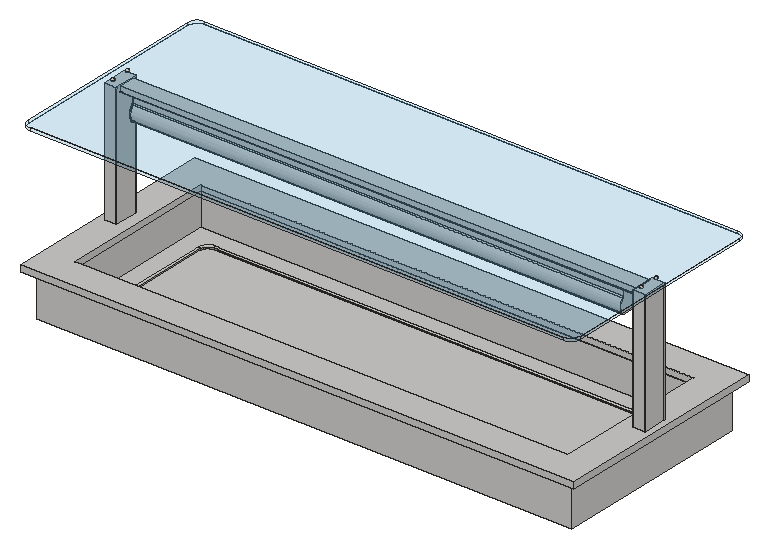
Revit family "QF_FESTIVE_SB18", category Specialty Equipment, Revit 2020
Family settings
  Round Connector Dimension = Use Diameter
  Part Type = Normal
  Work Plane-Based = No
  Always vertical = Yes
  Cut with Voids When Loaded = No
  Shared = No
  Room Calculation Point = No
Parameters (values of type "SB18")
  Weight in Pounds = 0
  Watts = if(Phase = 3, Volts * FL Amps * 1.73, Volts * FL Amps)  # 2882 W
  Volts = 220 V
  URL Cutsheet = ""
  Specification by User = ""
  Specification by Manufacturer = ""
  Serial Number = ""
  Seismic Rating = ""
  SMACNA No = ""
  Revision Code = ""
  Phase = 1
  Number of Poles = 1
  NAFEM Spec ID Number = ""
  Model = "SB18"
  Min Ckt Ampacity = 0 A
  Max Overcurrent Protection = 0 A
  Masterspec = ""
  Manufacturer = "FESTIVE"
  Length = 1805 mm
  Item Number = ""
  Installed By = ""
  Identify Quantity as Lot = yes
  Height = 430 mm
  HP = ""
  Furnished By = ""
  Foodservice Equipment Identifier = yes
  FL Amps = 13.1 A  # constant formula
  Electrical Remarks = ""
  Electric Connection Type = ""
  Elec Conn RI Height = 0 mm
  Elec Conn Connection Height = 0 mm
  Description = "SOMERSET: BAIN MARIE"
  Depth = 712 mm
  Default Elevation = 0 mm
  Cycle = 50 Hz  # constant formula
  Conn Plug = ""
  Conn Conduit = yes
  CSI MasterFormat = ""
  Apparent Power = if(Phase = 3, Volts * FL Amps * 1.73, Volts * FL Amps)  # 2882 VA
Reference planes
  plane 1 "BACK": y = 0
  plane 2: z = 0
  plane 3 "LEFT": x = 0
  plane 4 "RIGHT": x = 1805
  plane 5 "FRONT": y = -712
  plane 6 "TOP": z = 430
  plane 7 "Center Y": x = 902.5
  plane 8 "Center X": y = -356
  plane 9: z = -140
  plane 10: x = 568.768
  plane 11: z = -304.8
  plane 12: x = 100.5
  plane 13: x = 1704.5
Forms (mm)
  Extrusion 1, solid, material "QF_Metal - Stainless - Satin"
    sketch origin (0, 0, 0) x (1, 0, 0) y (0, 1, 0)
      loop
        line (0, 0) -> (0, -712) -> (1805, -712) -> (1805, 0) -> (0, 0)
      loop
        line (99, -98.261) -> (99, -612.261) -> (1706, -612.261) -> (1706, -98.261) -> (99, -98.261)
    from 0 to 20
  Extrusion 2, solid, material "QF_Metal - Stainless - Satin"
    sketch origin (1065, -355.261, -145) x (1, 0, 0) y (0, 1, 0)
      loop
        line (710, -326.739) -> (710, 325.261) -> (-1035, 325.261) -> (-1035, -326.739) -> (710, -326.739)
      loop
        line (-966, -257) -> (641, -257) -> (641, 257) -> (-966, 257) -> (-966, -257)
    from 5 to 145
  Extrusion 3, solid, material "QF_Metal - Stainless - Satin"
    sketch origin (1065, -355.261, 20) x (1, 0, 0) y (0, 1, 0)
      loop
        arc (-1006.5, -40) -> (-1005.086, -39.414) -> (-1004.5, -38) r 2
        line (-1004.5, -38) -> (-1004.5, 38)
        arc (-1004.5, 38) -> (-1005.086, 39.414) -> (-1006.5, 40) r 2
        line (-1006.5, 40) -> (-1042.5, 40)
        arc (-1042.5, 40) -> (-1043.914, 39.414) -> (-1044.5, 38) r 2
        line (-1044.5, 38) -> (-1044.5, -38)
        arc (-1044.5, -38) -> (-1043.914, -39.414) -> (-1042.5, -40) r 2
        line (-1042.5, -40) -> (-1006.5, -40)
      loop
        arc (719.5, 38) -> (718.914, 39.414) -> (717.5, 40) r 2
        line (717.5, 40) -> (681.5, 40)
        arc (681.5, 40) -> (680.086, 39.414) -> (679.5, 38) r 2
        line (679.5, 38) -> (679.5, -38)
        arc (679.5, -38) -> (680.086, -39.414) -> (681.5, -40) r 2
        line (681.5, -40) -> (717.5, -40)
        arc (717.5, -40) -> (718.914, -39.414) -> (719.5, -38) r 2
        line (719.5, -38) -> (719.5, 38)
    from 0 to 400
  Extrusion 4, solid, material "QF_Metal - Stainless - Satin"
    sketch origin (1065, -355.261, -140) x (0, 1, 0) y (1, 0, 0)
      loop
        line (257, -966) -> (257, 641) -> (-257, 641) -> (-257, -966) -> (257, -966)
    from 0 to -35
  Sweep 5, solid, material "QF_Metal - Stainless - Satin"
    path origin (0, 0, -90) x (1, 0, 0) y (0, 1, 0)
      loop
        line (1704, -180.315) -> (210.803, -180.315)
        arc (210.803, -180.315) -> (189.59, -189.101) -> (180.803, -210.315) r 30
        line (180.803, -210.315) -> (180.803, -500.123)
        arc (180.803, -500.123) -> (189.59, -521.336) -> (210.803, -530.123) r 30
        line (210.803, -530.123) -> (1704, -530.123)
    profile origin (957.401, -180.315, -90) x (0, -1, 0) y (0, 0, 1)
      loop
        circle (0, 0) r 3.995
  Extrusion 6, solid, material "Glass"
    sketch origin (1065, -355.261, 420) x (1, 0, 0) y (0, 1, 0)
      loop
        arc (-1062.5, -326) -> (-1053.713, -347.213) -> (-1032.5, -356) r 30
        line (-1032.5, -356) -> (707.5, -356)
        arc (707.5, -356) -> (728.713, -347.213) -> (737.5, -326) r 30
        line (737.5, -326) -> (737.5, 324.523)
        arc (737.5, 324.523) -> (728.713, 345.736) -> (707.5, 354.523) r 30
        line (707.5, 354.523) -> (-1032.5, 354.523)
        arc (-1032.5, 354.523) -> (-1053.713, 345.736) -> (-1062.5, 324.523) r 30
        line (-1062.5, 324.523) -> (-1062.5, -326)
    from 0 to 10
  Extrusion 7, solid, material "QF_Metal - Stainless - Satin"
    sketch origin (1805, 0, 0) x (0, -1, 0) y (0, 0, 1)
      loop
        arc (321.832, 335.631) -> (325.524, 331.583) -> (330.769, 330) r 10.306
        line (330.769, 330) -> (378.191, 330)
        arc (378.191, 330) -> (384.277, 331.191) -> (388.606, 335.631) r 10.413
        arc (388.606, 335.631) -> (392.245, 357.759) -> (382.452, 377.934) r 37.05
        arc (382.452, 377.934) -> (381.137, 379.989) -> (380.676, 382.385) r 6.465
        line (380.676, 382.385) -> (380.676, 400) -> (329.761, 400) -> (329.761, 382.385)
        arc (329.761, 382.385) -> (329.301, 379.989) -> (327.985, 377.934) r 6.465
        arc (327.985, 377.934) -> (318.192, 357.759) -> (321.832, 335.631) r 37.05
    from 100.5 to 102.5
  Extrusion 8, solid, material "QF_Metal - Stainless - Satin"
    sketch origin (100.5, -4572, 329.938) x (0, 0, 1) y (0, -1, 0)
      loop
        arc (5.693, -4250.168) -> (27.821, -4253.808) -> (47.996, -4244.015) r 37.05
        arc (47.996, -4244.015) -> (50.05, -4242.699) -> (52.446, -4242.239) r 6.465
        line (52.446, -4242.239) -> (70.062, -4242.239) -> (70.062, -4191.324) -> (52.446, -4191.324)
        arc (52.446, -4191.324) -> (50.05, -4190.863) -> (47.996, -4189.548) r 6.465
        arc (47.996, -4189.548) -> (27.821, -4179.755) -> (5.693, -4183.394) r 37.05
        arc (5.693, -4183.394) -> (1.253, -4187.723) -> (0.062, -4193.809) r 10.413
        line (0.062, -4193.809) -> (0.062, -4241.231)
        arc (0.062, -4241.231) -> (1.645, -4246.476) -> (5.693, -4250.168) r 10.306
    from 0 to 2
  Extrusion 9, solid, material "QF_Metal - Stainless - Satin"
    sketch origin (0, 0, 0) x (0, 1, 0) y (0, 0, 1)
      loop
        line (-327.761, 420) -> (-382.676, 420) -> (-382.676, 401.831)
        arc (-382.676, 401.831) -> (-382.037, 400.522) -> (-380.676, 400) r 1.989
        line (-380.676, 400) -> (-329.761, 400)
        arc (-329.761, 400) -> (-328.401, 400.522) -> (-327.761, 401.831) r 1.989
        line (-327.761, 401.831) -> (-327.761, 420)
    from 60.5 to 1744.5
  Revolve 10, solid, material "QF_Metal - Stainless - Satin"
    sketch origin (0, -385.237, 2) x (1, 0, 0) y (0, 0, 1)
      loop
        line (36.511, 428) -> (40.467, 428) -> (40.467, 433.967)
        arc (40.467, 433.967) -> (37.67, 432.809) -> (36.511, 430.011) r 3.956
        line (36.511, 430.011) -> (36.511, 428)
      axis (40.467, 428) -> (40.467, 433.967)
    angle from 0 to 360
  Revolve 11, solid, material "QF_Metal - Stainless - Satin"
    sketch origin (0, -325.201, 2) x (1, 0, 0) y (0, 0, -1)
      loop
        line (36.511, -428) -> (36.511, -430.011)
        arc (36.511, -430.011) -> (37.67, -432.809) -> (40.467, -433.967) r 3.956
        line (40.467, -433.967) -> (40.467, -428) -> (36.511, -428)
      axis (40.467, -428) -> (40.467, -433.967)
    angle from 0 to 360
  Revolve 12, solid, material "QF_Metal - Stainless - Satin"
    sketch origin (2130, -385.237, 2) x (-1, 0, 0) y (0, 0, -1)
      loop
        line (361.511, -428) -> (361.511, -430.011)
        arc (361.511, -430.011) -> (362.67, -432.809) -> (365.467, -433.967) r 3.956
        line (365.467, -433.967) -> (365.467, -428) -> (361.511, -428)
      axis (365.467, -428) -> (365.467, -433.967)
    angle from 0 to 360
  Revolve 13, solid, material "QF_Metal - Stainless - Satin"
    sketch origin (2130, -325.201, 2) x (-1, 0, 0) y (0, 0, 1)
      loop
        line (361.511, 428) -> (365.467, 428) -> (365.467, 433.967)
        arc (365.467, 433.967) -> (362.67, 432.809) -> (361.511, 430.011) r 3.956
        line (361.511, 430.011) -> (361.511, 428)
      axis (365.467, 428) -> (365.467, 433.967)
    angle from 0 to 360
  Revolve 14, solid, material "QF_Metal - Stainless - Satin"
    sketch origin (2140, -151, 0) x (-1, 0, 0) y (0, 0, 1)
      loop
        line (1989, -270) -> (1989, -140) -> (1977.514, -140) -> (1977.514, -270) -> (1989, -270)
      axis (1989, -270) -> (1989, -140)
    angle from 0 to 360
  Extrusion 15, solid, material "QF_Metal - Stainless - Satin"
    sketch origin (102.5, -4572, 329.938) x (0, 0, 1) y (0, -1, 0)
      loop
        arc (5.693, -4250.168) -> (27.821, -4253.808) -> (47.996, -4244.015) r 37.05
        arc (47.996, -4244.015) -> (50.05, -4242.699) -> (52.446, -4242.239) r 6.465
        line (52.446, -4242.239) -> (70.062, -4242.239) -> (70.062, -4191.324) -> (52.446, -4191.324)
        arc (52.446, -4191.324) -> (50.05, -4190.863) -> (47.996, -4189.548) r 6.465
        arc (47.996, -4189.548) -> (27.821, -4179.755) -> (5.693, -4183.394) r 37.05
        arc (5.693, -4183.394) -> (1.253, -4187.723) -> (0.062, -4193.809) r 10.413
        line (0.062, -4193.809) -> (0.062, -4241.231)
        arc (0.062, -4241.231) -> (1.645, -4246.476) -> (5.693, -4250.168) r 10.306
    from 0 to 1600
Cuts and joins
  joined: Extrusion 2, Extrusion 4
Lines and regions (mm)
  symbolic lines
    curve 1: arc (32.5, -0.739, 0) -> (11.287, -9.526, 0) -> (2.5, -30.739, 0) r 30
    curve 2: line (2.5, -30.739, 0) -> (2.5, -681.261, 0)
    curve 3: arc (2.5, -681.261, 0) -> (11.287, -702.474, 0) -> (32.5, -711.261, 0) r 30
    curve 4: line (32.5, -711.261, 0) -> (1772.5, -711.261, 0)
    curve 5: arc (1772.5, -711.261, 0) -> (1793.713, -702.474, 0) -> (1802.5, -681.261, 0) r 30
    curve 6: line (1802.5, -681.261, 0) -> (1802.5, -30.739, 0)
    curve 7: arc (1802.5, -30.739, 0) -> (1793.713, -9.526, 0) -> (1772.5, -0.739, 0) r 30
    curve 8: line (1772.5, -0.739, 0) -> (32.5, -0.739, 0)
    curve 9: circle (40.467, -325.131, 0) r 3.956 normal (0, 0, 1)
    curve 10: circle (40.467, -385.166, 0) r 3.956 normal (0, 0, 1)
    curve 11: circle (1764.533, -325.131, 0) r 3.956 normal (0, 0, -1)
    curve 12: circle (1764.533, -385.166, 0) r 3.956 normal (0, 0, -1)
    curve 13: line (1805, 0, 0) -> (0, 0, 0)
    curve 14: line (1805, -712, 0) -> (1805, 0, 0)
    curve 15: line (0, -712, 0) -> (1805, -712, 0)
    curve 16: line (0, 0, 0) -> (0, -712, 0)
Dimensions and locks
  equal spacing: plane 3 "LEFT", plane 7 "Center Y", plane 4 "RIGHT"
  "Length": plane 3 "LEFT" to plane 4 "RIGHT"
  equal spacing: plane 5 "FRONT", plane 8 "Center X", plane 1 "BACK"
  "Depth": plane 5 "FRONT" to plane 1 "BACK"
  "Height": plane 6 "TOP" to level
  plane 1 "BACK" to plane 5 "FRONT" = 712 mm
  plane 2 to plane 9 = 140 mm
  plane 3 "LEFT" to plane 10 = 568.768 mm
  plane 2 to plane 11 = 304.8 mm
  cut or joined group of Extrusion 2, Extrusion 4 to plane 3 "LEFT" = 30 mm
  cut or joined group of Extrusion 2, Extrusion 4 to nested 1 = 189 mm
  nested 1 to nested 1 = 200 mm
  cut or joined group of Extrusion 2, Extrusion 4 to plane 1 "BACK" = 30 mm
  nested 1 to cut or joined group of Extrusion 2, Extrusion 4 = 182 mm
  Revolve 14 to cut or joined group of Extrusion 2, Extrusion 4 = 121 mm
  locked: plane 13 to plane 4 "RIGHT" at 100.5
  Extrusion 3 sketch curve to Extrusion 3 sketch curve to plane 4 "RIGHT" = 40 mm locked, 20.5 mm locked
  aligned and locked: plane 2 to level
  aligned and locked: Extrusion 9 to Extrusion 3
  aligned and locked: Extrusion 15 to Extrusion 7
Automatic sketch dimensions
  curve 16 to plane 3 "LEFT" = 0 mm
  curve 15 to plane 4 "RIGHT" = 0 mm
  plane 5 "FRONT" to curve 15 = 0 mm
  plane 1 "BACK" to curve 13 = 0 mm
  plane 3 "LEFT" to curve 2 = 2.5 mm
  curve 4 to plane 5 "FRONT" = 0.739 mm
  plane 3 "LEFT" to curve 4 = 32.5 mm
  plane 1 "BACK" to curve 8 = 0.739 mm
  plane 3 "LEFT" to curve 8 = 32.5 mm
  plane 3 "LEFT" to curve 10 = 40.467 mm
  plane 3 "LEFT" to curve 9 = 40.467 mm
  plane 4 "RIGHT" to curve 11 = 40.467 mm
  plane 4 "RIGHT" to curve 12 = 40.467 mm
  plane 4 "RIGHT" to curve 8 = 32.5 mm
  plane 4 "RIGHT" to curve 4 = 32.5 mm
  plane 4 "RIGHT" to curve 6 = 2.5 mm
  curve 12 to plane 8 "Center X" = 29.166 mm
  curve 10 to plane 8 "Center X" = 29.166 mm
  plane 8 "Center X" to curve 9 = 30.869 mm
  plane 8 "Center X" to curve 11 = 30.869 mm
  Extrusion 1 sketch curve to plane 3 "LEFT" = 0 mm
  Extrusion 1 sketch curve to plane 4 "RIGHT" = 0 mm
  plane 5 "FRONT" to Extrusion 1 sketch curve = 0 mm
  plane 1 "BACK" to Extrusion 1 sketch curve = 0 mm
  Extrusion 1 sketch curve to plane 12 = 1.5 mm
  Extrusion 1 sketch curve to plane 13 = 1.5 mm
  Extrusion 1 sketch curve to plane 5 "FRONT" = 99.739 mm
  plane 1 "BACK" to Extrusion 1 sketch curve = 98.261 mm
  plane 3 "LEFT" to Extrusion 2 sketch curve = 30 mm
  Extrusion 2 sketch curve to plane 12 = 1.5 mm
  Extrusion 2 sketch curve to plane 13 = 1.5 mm
  plane 4 "RIGHT" to Extrusion 2 sketch curve = 30 mm
  Extrusion 2 sketch curve to plane 5 "FRONT" = 30 mm
  Extrusion 2 sketch curve to Extrusion 2 sketch curve = 69.739 mm
  plane 1 "BACK" to Extrusion 2 sketch curve = 98.261 mm
  plane 1 "BACK" to Extrusion 2 sketch curve = 30 mm
  Extrusion 3 sketch curve to plane 12 = 40 mm
  Extrusion 3 sketch curve to Extrusion 3 sketch curve = 2 mm  (x7)
  plane 3 "LEFT" to Extrusion 3 sketch curve = 22.5 mm  (x2)
  Extrusion 3 sketch curve to plane 8 "Center X" = 39.261 mm  (x2)
  plane 8 "Center X" to Extrusion 3 sketch curve = 38.739 mm  (x2)
  Extrusion 4 sketch curve to Extrusion 2 = 0 mm  (x4)
  plane 12 to Sweep 5 sketch curve = 80.303 mm
  Sweep 5 sketch curve to Sweep 5 sketch curve = 30 mm  (x2)
  Sweep 5 sketch curve to plane 8 "Center X" = 174.123 mm
  plane 8 "Center X" to Sweep 5 sketch curve = 145.685 mm
  plane 13 to Sweep 5 sketch curve = 0.5 mm  (x2)
  Sweep 5 sketch curve to profile plane = 0 mm  (x2)
  plane 3 "LEFT" to Extrusion 6 sketch curve = 2.5 mm
  Extrusion 6 sketch curve to Extrusion 6 sketch curve = 30 mm  (x2)
  plane 1 "BACK" to Extrusion 6 sketch curve = 0.739 mm
  plane 4 "RIGHT" to Extrusion 6 sketch curve = 32.5 mm  (x2)
  Extrusion 6 sketch curve to plane 5 "FRONT" = 0.739 mm
  plane 4 "RIGHT" to Extrusion 6 sketch curve = 2.5 mm
  plane 8 "Center X" to Extrusion 7 sketch curve = 32.703 mm
  Extrusion 7 sketch curve to Extrusion 7 sketch curve = 6.465 mm  (x2)
  plane 8 "Center X" to Extrusion 7 sketch curve = 25.231 mm
  Extrusion 7 sketch curve to Extrusion 7 sketch curve = 0.249 mm
  plane 8 "Center X" to Extrusion 7 sketch curve = 1.144 mm
  plane 8 "Center X" to Extrusion 7 sketch curve = 0.419 mm
  Extrusion 7 sketch curve to plane 8 "Center X" = 22.191 mm
  Extrusion 7 sketch curve to Extrusion 7 sketch curve = 1.133 mm
  Extrusion 7 sketch curve to plane 8 "Center X" = 24.676 mm
  Extrusion 7 sketch curve to plane 6 "TOP" = 100 mm
  Extrusion 7 sketch curve to Extrusion 7 sketch curve = 10.303 mm
  Extrusion 7 sketch curve to Extrusion 7 sketch curve = 10.351 mm
  Extrusion 7 sketch curve to Extrusion 7 sketch curve = 12.075 mm
  Extrusion 7 sketch curve to Extrusion 7 sketch curve = 0 mm  (x3)
  Extrusion 7 sketch curve to Extrusion 7 sketch curve = 42.082 mm
  Extrusion 7 sketch curve to Extrusion 7 sketch curve = 42.033 mm
  Extrusion 7 sketch curve to Extrusion 7 sketch curve = 17.615 mm
  Extrusion 8 sketch curve to plane 8 "Center X" = 22.191 mm
  Extrusion 8 sketch curve to plane 6 "TOP" = 100 mm
  Extrusion 8 sketch curve to Extrusion 8 sketch curve = 10.303 mm
  Extrusion 8 sketch curve to Extrusion 8 sketch curve = 10.351 mm
  plane 8 "Center X" to Extrusion 8 sketch curve = 0.419 mm
  Extrusion 8 sketch curve to Extrusion 8 sketch curve = 12.075 mm
  Extrusion 8 sketch curve to Extrusion 8 sketch curve = 0 mm  (x3)
  Extrusion 8 sketch curve to Extrusion 8 sketch curve = 42.082 mm
  Extrusion 8 sketch curve to Extrusion 8 sketch curve = 42.033 mm
  Extrusion 8 sketch curve to Extrusion 8 sketch curve = 17.615 mm
  Extrusion 8 sketch curve to Extrusion 8 sketch curve = 0.725 mm
  plane 8 "Center X" to Extrusion 8 sketch curve = 24.982 mm
  Extrusion 8 sketch curve to Extrusion 8 sketch curve = 0.249 mm
  plane 8 "Center X" to Extrusion 8 sketch curve = 26.239 mm
  Extrusion 8 sketch curve to Extrusion 8 sketch curve = 6.465 mm  (x2)
  Extrusion 8 sketch curve to Extrusion 8 sketch curve = 1.133 mm
  Extrusion 8 sketch curve to plane 8 "Center X" = 24.676 mm
  Extrusion 9 sketch curve to plane 8 "Center X" = 26.676 mm
  Extrusion 9 sketch curve to Extrusion 9 sketch curve = 1.982 mm  (x2)
  Extrusion 9 sketch curve to Extrusion 9 sketch curve = 0.018 mm  (x2)
  plane 8 "Center X" to Extrusion 9 sketch curve = 26.239 mm
  Extrusion 9 sketch curve to plane 6 "TOP" = 30 mm
  Extrusion 9 sketch curve to Extrusion 9 sketch curve = 1.831 mm  (x2)
  Extrusion 9 sketch curve to plane 6 "TOP" = 10 mm
  Revolve 10 sketch curve to plane 6 "TOP" = 0 mm
  plane 3 "LEFT" to Revolve 10 sketch curve = 36.511 mm
  Revolve 10 sketch curve to Revolve 10 sketch curve = 3.956 mm
  plane 6 "TOP" to Revolve 10 sketch curve = 2.011 mm
  Revolve 10 sketch curve to Revolve 10 sketch curve = 0 mm  (x2)
  Revolve 10 sketch curve to Revolve 10 sketch curve = 2.434 mm
  Revolve 11 sketch curve to plane 6 "TOP" = 0 mm
  plane 3 "LEFT" to Revolve 11 sketch curve = 36.511 mm
  Revolve 11 sketch curve to Revolve 11 sketch curve = 3.956 mm
  Revolve 11 sketch curve to Revolve 11 sketch curve = 2.011 mm
  Revolve 11 sketch curve to Revolve 11 sketch curve = 0 mm  (x2)
  Revolve 11 sketch curve to Revolve 11 sketch curve = 2.434 mm
  Revolve 12 sketch curve to plane 6 "TOP" = 0 mm
  plane 4 "RIGHT" to Revolve 12 sketch curve = 36.511 mm
  Revolve 12 sketch curve to Revolve 12 sketch curve = 3.956 mm
  Revolve 12 sketch curve to Revolve 12 sketch curve = 2.011 mm
  Revolve 12 sketch curve to Revolve 12 sketch curve = 0 mm  (x2)
  Revolve 12 sketch curve to Revolve 12 sketch curve = 2.434 mm
  Revolve 13 sketch curve to plane 6 "TOP" = 0 mm
  plane 4 "RIGHT" to Revolve 13 sketch curve = 36.511 mm
  Revolve 13 sketch curve to Revolve 13 sketch curve = 3.956 mm
  Revolve 13 sketch curve to Revolve 13 sketch curve = 2.011 mm
  Revolve 13 sketch curve to Revolve 13 sketch curve = 0 mm  (x2)
  Revolve 13 sketch curve to Revolve 13 sketch curve = 2.434 mm
  Revolve 14 sketch curve to plane 9 = 0 mm
  plane 12 to Revolve 14 sketch curve = 61.986 mm
  Revolve 14 sketch curve to Revolve 14 sketch curve = 11.486 mm
  Revolve 14 sketch curve to plane 11 = 34.8 mm
  Revolve 14 sketch curve to Revolve 14 sketch curve = 0 mm
  Revolve 14 sketch curve to Revolve 14 sketch curve = 0.847 mm
  Revolve 14 sketch curve to Revolve 14 sketch curve = 4.153 mm
  Extrusion 8 to Extrusion 15 sketch curve = 0 mm
  Extrusion 15 sketch curve to Extrusion 8 = 0 mm
  radius of curve 9 = 3.956 mm
  radius of curve 10 = 3.956 mm
  radius of curve 11 = 3.956 mm
  radius of curve 12 = 3.956 mm
  radius of Sweep 5 sketch curve = 3.995 mm
  radius of Extrusion 15 sketch curve to Extrusion 8 = 0 mm  (x6)
Nested families
  nested 1: "Family2" at (419, -212, -240) x (-1, 0, 0) z (0, 0, 1), type "Family2"
Connectors
  electrical at (422.2, -182, -206), driven by "Volts", driven by "Watts"
    settings: on nested 1, index 4, voltage 220 V, apparent load 2882 VA, apparent load phase1 0 VA, apparent load phase2 0 VA, apparent load phase3 0 VA, power factor 1, load classification "Other", number of poles 1, system type 30, power factor state 1, is connector primary yes, connector utility no, sub classification motor no, connector description ""
Definition of nested family "Family2"
  Parameters (values of type "Family2")
    Weight in Pounds = 0
    Watts = if(Phase = 3, Volts * FL Amps * 1.73, Volts * FL Amps)  # 0 W
    Volts = 0 V
    URL Cutsheet = ""
    Specification by User = ""
    Specification by Manufacturer = ""
    Serial Number = ""
    Seismic Rating = ""
    SMACNA No = ""
    Revision Code = ""
    Phase = 0
    Number of Poles = 1
    NAFEM Spec ID Number = ""
    Min Ckt Ampacity = 0 A
    Max Overcurrent Protection = 0 A
    Masterspec = ""
    Length = 200 mm
    Item Number = ""
    Installed By = ""
    Identify Quantity as Lot = yes
    Height = 100 mm
    HP = ""
    Furnished By = ""
    Foodservice Equipment Identifier = yes
    FL Amps = 0 A
    Electrical Remarks = ""
    Electric Connection Type = ""
    Elec Conn RI Height = 0 mm
    Elec Conn Connection Height = 0 mm
    Depth = 180 mm
    Default Elevation = 0 mm
    Cycle = 0 Hz
    Conn Plug = ""
    Conn Conduit = yes
    CSI MasterFormat = ""
    Apparent Power = if(Phase = 3, Volts * FL Amps * 1.73, Volts * FL Amps)  # 0 VA
  Reference planes
    plane 1 "BACK": y = 0
    plane 2: z = 0
    plane 3 "LEFT": x = 0
    plane 4 "RIGHT": x = 200
    plane 5 "FRONT": y = -180
    plane 6 "TOP": z = 100
    plane 7 "Center Y": x = 100
    plane 8 "Center X": y = -90
  Forms (mm)
    Revolve 1, solid
      sketch origin (148.125, 0, 0) x (0, 1, 0) y (0, 0, 1)
        loop
          line (-180, 55) -> (-157.389, 55) -> (-157.389, 80.809) -> (-159.789, 80.809) -> (-166.275, 70.43) -> (-180, 68.987) -> (-180, 55)
        axis (-157.389, 55) -> (-180, 55)
      angle from 0 to 360
    Extrusion 2, solid
      sketch origin (0, -157.389, 100.641) x (0, 0, -1) y (1, 0, 0)
        loop
          line (28.109, 56.09) -> (61.602, 56.09) -> (61.602, 73.485) -> (28.109, 73.485) -> (28.109, 56.09)
        loop
          line (30.983, 59.095) -> (59.271, 59.095) -> (59.271, 70.349) -> (30.983, 70.349) -> (30.983, 59.095)
        loop
          circle (45.241, 100) r 9.116
      from 0 to 2
    Extrusion 3, solid
      sketch origin (70.349, -157.389, 69.658) x (0, 0, -1) y (0, -1, 0)
        loop
          line (28.288, 0) -> (28.288, 2) -> (24.792, 6.475) -> (21.296, 6.475)
          arc (21.296, 6.475) -> (10.911, 2.987) -> (0, 2) r 46.947
          line (0, 2) -> (0, 0) -> (28.288, 0)
      from 0 to 11.254
    Extrusion 4, solid
      sketch origin (0, 0, 0) x (0, -1, 0) y (0, 0, 1)
        loop
          line (157.389, 100) -> (0, 100) -> (0, 0) -> (157.389, 0) -> (157.389, 100)
        loop
          circle (30, 34) r 9.043
        loop
          circle (32.744, 71.693) r 12.608
        loop
          circle (73.56, 33.695) r 8.677
        loop
          circle (73.509, 71.741) r 8.145
      from 0 to -2
    Extrusion 5, solid
      sketch origin (0, 0, 0) x (0, 1, 0) y (0, 0, 1)
        loop
          line (0, 100) -> (-157.389, 100) -> (-157.389, 16.636) -> (-154.226, 16.636) -> (-154.226, 0) -> (0, 0) -> (0, 100)
      from 2 to 198
    Extrusion 6, solid
      sketch origin (200, 0, 0) x (0, -1, 0) y (0, 0, -1)
        loop
          line (157.389, -100) -> (157.389, 0) -> (0, 0) -> (0, -100) -> (157.389, -100)
        loop
          circle (30, -34) r 9.043
        loop
          circle (32.744, -71.693) r 12.608
        loop
          circle (73.56, -33.695) r 8.677
        loop
          circle (73.509, -71.741) r 8.145
      from 0 to -2
    Extrusion 7, solid
      sketch origin (0, 0, 0) x (0, -1, 0) y (0, 0, 1)
        loop
          circle (30, 34) r 9.043
      from 0 to 3.2
    Extrusion 8, solid
      sketch origin (0, -159.389, 100.641) x (0, 0, -1) y (1, 0, 0)
        loop
          circle (45.241, 100) r 6.691
      from 0 to 2
  Cuts and joins
    joined: Extrusion 4, Extrusion 5, Extrusion 6
  Lines and regions (mm)
    symbolic lines
      curve 1: line (0, 0, 0) -> (200, 0, 0)
      curve 2: line (0, -157.389, 0) -> (0, 0, 0)
      curve 3: line (200, -157.389, 0) -> (0, -157.389, 0)
      curve 4: line (200, 0, 0) -> (200, -157.389, 0)
      curve 5: line (59.095, -159.389, 0) -> (59.095, -163.864, 0)
      curve 6: line (70.349, -163.864, 0) -> (70.349, -159.389, 0)
      curve 7: line (59.095, -163.864, 0) -> (70.349, -163.864, 0)
      curve 8: line (56.09, -159.389, 0) -> (73.485, -159.389, 0)
      curve 9: line (56.09, -157.389, 0) -> (56.09, -159.389, 0)
      curve 10: line (73.485, -159.389, 0) -> (73.485, -157.389, 0)
      curve 11: line (109.116, -159.389, 0) -> (90.884, -159.389, 0)
      curve 12: line (90.884, -159.389, 0) -> (90.884, -157.389, 0)
      curve 13: line (109.116, -159.389, 0) -> (109.116, -157.389, 0)
      curve 14: line (132.695, -166.275, 0) -> (134.138, -180, 0)
      curve 15: line (134.138, -180, 0) -> (162.112, -180, 0)
      curve 16: line (162.112, -180, 0) -> (163.555, -166.275, 0)
      curve 17: line (163.555, -166.275, 0) -> (132.695, -166.275, 0)
      curve 18: line (132.695, -166.275, 0) -> (122.322, -159.793, 0)
      curve 19: line (122.322, -159.793, 0) -> (173.85, -159.793, 0)
      curve 20: line (173.85, -159.793, 0) -> (163.555, -166.275, 0)
      curve 21: line (173.85, -159.793, 0) -> (173.85, -157.389, 0)
      curve 22: line (122.322, -159.793, 0) -> (122.322, -157.389, 0)
  Dimensions and locks
    equal spacing: plane 3 "LEFT", plane 7 "Center Y", plane 4 "RIGHT"
    "Length": plane 3 "LEFT" to plane 4 "RIGHT"
    equal spacing: plane 5 "FRONT", plane 8 "Center X", plane 1 "BACK"
    "Depth": plane 5 "FRONT" to plane 1 "BACK"
    "Height": plane 6 "TOP" to level
    plane 4 "RIGHT" to plane 3 "LEFT" = 200 mm
    locked: Extrusion 7 sketch curve to level at 34
    locked: plane 1 "BACK" to Extrusion 7 sketch curve at 30
    aligned and locked: level to plane 2
    aligned and locked: plane 6 "TOP" to cut or joined group of Extrusion 4, Extrusion 5, Extrusion 6
  Automatic sketch dimensions
    curve 3 to plane 3 "LEFT" = 0 mm
    plane 5 "FRONT" to curve 15 = 0 mm
    curve 3 to plane 4 "RIGHT" = 0 mm
    plane 1 "BACK" to curve 2 = 0 mm
    curve 8 to plane 5 "FRONT" = 20.611 mm
    curve 8 to plane 7 "Center Y" = 43.91 mm
    curve 8 to curve 7 = 3.004 mm
    curve 5 to curve 7 = 11.254 mm
    curve 6 to curve 10 = 3.136 mm
    curve 11 to plane 7 "Center Y" = 9.116 mm
    plane 7 "Center Y" to curve 11 = 9.116 mm
    curve 11 to curve 19 = 13.206 mm
    curve 18 to plane 5 "FRONT" = 13.725 mm
    curve 18 to curve 18 = 10.373 mm
    curve 14 to curve 15 = 1.443 mm
    curve 14 to curve 15 = 27.974 mm
    curve 15 to curve 20 = 1.443 mm
    curve 16 to curve 19 = 10.295 mm
    curve 5 to curve 5 = 4.475 mm
    curve 14 to curve 22 = 6.482 mm
    curve 18 to curve 11 = 0.404 mm
    curve 4 to plane 5 "FRONT" = 22.611 mm
    Revolve 1 sketch curve to plane 5 "FRONT" = 0 mm
    Revolve 1 sketch curve to plane 5 "FRONT" = 13.725 mm
    Revolve 1 sketch curve to Revolve 1 sketch curve = 6.486 mm
    Revolve 1 sketch curve to Revolve 1 sketch curve = 8.886 mm
    Revolve 1 sketch curve to plane 6 "TOP" = 45 mm
    Revolve 1 sketch curve to Revolve 1 sketch curve = 13.987 mm
    Revolve 1 sketch curve to Revolve 1 sketch curve = 1.443 mm
    Revolve 1 sketch curve to Revolve 1 sketch curve = 10.38 mm
    plane 5 "FRONT" to Revolve 1 sketch curve = 0.636 mm
    Revolve 1 sketch curve to Revolve 1 sketch curve = 15 mm
    Revolve 1 sketch curve to Revolve 1 sketch curve = 0 mm
    Extrusion 2 sketch curve to plane 7 "Center Y" = 0 mm
    Extrusion 2 sketch curve to plane 6 "TOP" = 27.468 mm
    Extrusion 2 sketch curve to Extrusion 2 sketch curve = 2.873 mm
    Extrusion 2 sketch curve to Extrusion 2 sketch curve = 17.132 mm
    Extrusion 2 sketch curve to Extrusion 2 sketch curve = 28.288 mm
    Extrusion 2 sketch curve to Extrusion 2 sketch curve = 2.331 mm
    Extrusion 2 sketch curve to plane 7 "Center Y" = 26.515 mm
    Extrusion 2 sketch curve to Extrusion 2 sketch curve = 3.136 mm
    Extrusion 2 sketch curve to Extrusion 2 sketch curve = 11.254 mm
    Extrusion 2 sketch curve to Extrusion 2 sketch curve = 3.004 mm
    Extrusion 3 sketch curve to Extrusion 2 = 0 mm  (x4)
    Extrusion 2 to Extrusion 3 sketch curve = 0 mm
    Extrusion 3 sketch curve to Extrusion 2 = 1.256 mm
    Extrusion 3 sketch curve to Extrusion 2 = 4.475 mm
    Extrusion 3 sketch curve to Extrusion 3 sketch curve = 6.993 mm
    Extrusion 3 sketch curve to Extrusion 3 sketch curve = 3.496 mm
    Extrusion 5 sketch curve to level = 0 mm
    Extrusion 5 sketch curve to plane 1 "BACK" = 0 mm
    plane 6 "TOP" to Extrusion 5 sketch curve = 0 mm
    Extrusion 5 sketch curve to plane 5 "FRONT" = 22.611 mm
    level to Extrusion 5 sketch curve = 16.636 mm
    Extrusion 5 sketch curve to Extrusion 5 sketch curve = 3.163 mm
    Extrusion 6 sketch curve to plane 1 "BACK" = 0 mm
    Extrusion 6 sketch curve to level = 0 mm
    plane 1 "BACK" to Extrusion 6 sketch curve = 30 mm
    plane 1 "BACK" to Extrusion 6 sketch curve = 32.744 mm
    plane 8 "Center X" to Extrusion 6 sketch curve = 16.491 mm
    plane 8 "Center X" to Extrusion 6 sketch curve = 16.44 mm
    Extrusion 6 sketch curve to plane 5 "FRONT" = 22.611 mm
    level to Extrusion 6 sketch curve = 33.695 mm
    level to Extrusion 6 sketch curve = 34 mm
    Extrusion 6 sketch curve to plane 6 "TOP" = 28.307 mm
    Extrusion 6 sketch curve to plane 6 "TOP" = 28.259 mm
    plane 6 "TOP" to Extrusion 6 sketch curve = 0 mm
    Extrusion 4 sketch curve to plane 1 "BACK" = 0 mm
    Extrusion 4 sketch curve to level = 0 mm
    plane 1 "BACK" to Extrusion 4 sketch curve = 30 mm
    plane 1 "BACK" to Extrusion 4 sketch curve = 32.744 mm
    plane 8 "Center X" to Extrusion 4 sketch curve = 16.491 mm
    plane 8 "Center X" to Extrusion 4 sketch curve = 16.44 mm
    Extrusion 4 sketch curve to plane 5 "FRONT" = 22.611 mm
    level to Extrusion 4 sketch curve = 33.695 mm
    level to Extrusion 4 sketch curve = 34 mm
    Extrusion 4 sketch curve to plane 6 "TOP" = 28.307 mm
    Extrusion 4 sketch curve to plane 6 "TOP" = 28.259 mm
    plane 6 "TOP" to Extrusion 4 sketch curve = 0 mm
    radius of Extrusion 2 sketch curve = 9.116 mm
    radius of Extrusion 7 sketch curve = 9.043 mm
    radius of Extrusion 6 sketch curve = 9.043 mm
    radius of Extrusion 6 sketch curve = 12.608 mm
    radius of Extrusion 6 sketch curve = 8.677 mm
    radius of Extrusion 6 sketch curve = 8.145 mm
    radius of Extrusion 4 sketch curve = 9.043 mm
    radius of Extrusion 4 sketch curve = 12.608 mm
    radius of Extrusion 4 sketch curve = 8.677 mm
    radius of Extrusion 4 sketch curve = 8.145 mm
    radius of Extrusion 8 sketch curve to Extrusion 2 = 2.425 mm
